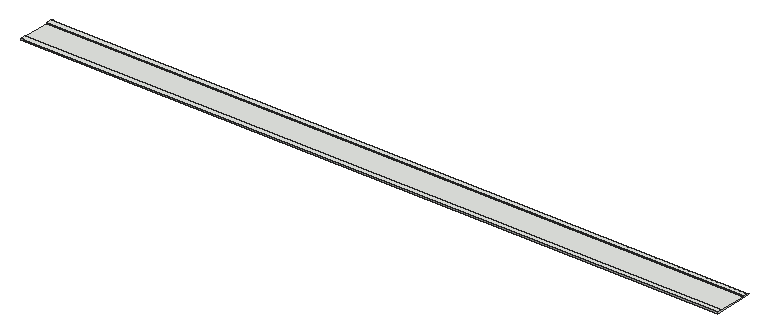
Revit family "PR677", category Mechanical Equipment, Revit 2018
Family settings
  Round Connector Dimension = Use Diameter
  Part Type = Normal
  OmniClass Number = 23.75.00.00
  OmniClass Title = Climate Control (HVAC)
  Work Plane-Based = No
  Always vertical = Yes
  Cut with Voids When Loaded = No
  Shared = No
  Room Calculation Point = No
Parameters (values of type "ISOLAMIN PR677 flashing")
  URL = "http://www.isolamin.se/"
  Thickness = "0.7 mm (Different thicknesses are available on request) \r\n0.7 mm (Different thicknesses are available on request) \r\n0.7 mm (Different thicknesses are available on request)"
  Profile Length = 1180 mm
  Model = "PR677"
  Material = "Galvanized Steel"
  Manufacturer = "ISOLAMIN AB"
  Edition = "1.0 (2018)"
Reference planes
  plane 1 "Center (Front/Back)": y = 0
  plane 2: z = 0
  plane 3 "Center (Left/Right)": x = 0
  plane 4: y = -1284.913
  plane 5: x = 1180
Forms (mm)
  Extrusion 1, solid, material "ISOLAMIN Surface Profile Material"
    sketch origin (0, 0, 0) x (0, 1, 0) y (0, 0, 1)
      loop
        line (-9.323, 2) -> (-9.323, 1) -> (-55.724, 1) -> (-55.724, 2) -> (-64.279, 2)
        arc (-64.279, 2) -> (-65.024, 1) -> (-64.279, 0) r 1.044
        line (-64.279, 0) -> (-0.767, 0)
        arc (-0.767, 0) -> (-0.023, 1) -> (-0.767, 2) r 1.044
        line (-0.767, 2) -> (-9.323, 2)
    from 0 to 1180
Dimensions and locks
  "Profile Length": plane 3 "Center (Left/Right)" to plane 5
  aligned and locked: level to plane 2
  aligned and locked: plane 5 to Extrusion 1
Automatic sketch dimensions
  Extrusion 1 sketch curve to level = 0 mm
  level to Extrusion 1 sketch curve = 2 mm
  plane 1 "Center (Front/Back)" to Extrusion 1 sketch curve = 64.279 mm
  Extrusion 1 sketch curve to Extrusion 1 sketch curve = 0 mm
  Extrusion 1 sketch curve to Extrusion 1 sketch curve = 0.3 mm
  level to Extrusion 1 sketch curve = 1 mm  (x2)
  Extrusion 1 sketch curve to Extrusion 1 sketch curve = 8.256 mm
  plane 1 "Center (Front/Back)" to Extrusion 1 sketch curve = 9.323 mm
  plane 1 "Center (Front/Back)" to Extrusion 1 sketch curve = 1.067 mm
  plane 1 "Center (Front/Back)" to Extrusion 1 sketch curve = 0.767 mm  (x2)
